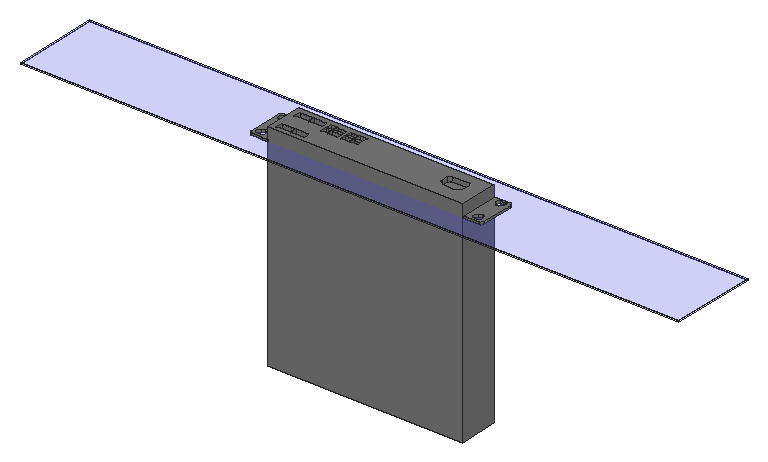
Revit family "QSC SPA4-100 Amplifier Rear Facing Rackmount", category Generic Models, host Face, Revit 2014
Parameters (values of type "SPA4-100 @ 230VAC")
  Width = 8.663"  # constant formula
  Weight Product (lb) = 4  # constant formula
  Weight Product (kg) = 1.4  # constant formula
  Weight Dimensional (lb) = 6.5  # constant formula
  Weight Dimensional (kg) = 2.5  # constant formula
  Voltage AC = "100-240 at 50-60 Hz"  # constant formula
  URL = "http://www.qsc.com/systems/products/power-amplifiers/energystar-amplifiers/spa-series/spa4-100/"
  Sustainability Rating = "Energy Star"  # constant formula
  Show Right Ear Short [instance] = yes
  Show Right Ear Long [instance] = no
  Show Left Ear Short [instance] = yes
  Show Left Ear Long [instance] = no
  Regulatory Compliance = "UL, CE, RoHS/WEEE, FCC Class B, UL 2043 with Plenum Kit Accessory"  # constant formula
  Product Page URL = "http://www.qsc.com/systems/products/power-amplifiers/energystar-amplifiers/spa-series/spa4-100/"
  Product Documentation Link = "http://www.qsc.com/resource-files/productresources/amp/spa/q_amp_spa_specs.pdf"
  Power Standby = 24  # constant formula
  Power Peak = 184
  Power Active = 184
  Model = "SPA4-100"  # constant formula
  Manufacturer URL = "http://www.qscaudio.com"
  Manufacturer = "QSC Audio Products, LLC"  # constant formula
  Height = 1.730"  # constant formula
  Heat Load Standby = 33  # constant formula
  Heat Load Active = 103  # constant formula
  Face Depth = 0.0788"
  Description = "4 Channel 100 Watt/Channel Amplfier"  # constant formula
  Depth = 9.48819"  # constant formula
  Default Elevation = 0.000"
  Current Draw = 0.8
  Enclosure Material [instance] = Dark Gray Finish
  Amp Only Width = 8.663"  # constant formula
Types (4): name | Power Peak | Power Active | Current Draw
  (no name) | 184 | 184 | 0.8
  SPA4-100 @ 100VAC | 170 | 130 | 1.7
  SPA4-100 @ 120VAC | 180 | 132 | 1.5
  SPA4-100 @ 230VAC | 184 | 184 | 0.8
Reference planes (in)
  plane 1 "Center (Front/Back)": y = 0
  plane 2: z = 0
  plane 3 "Center (Left/Right)": x = 0
  plane 4 "Left": x = -4.3315
  plane 5 "Right": x = 4.3315
  plane 6 "Top": y = 0.865
  plane 7 "Bottom": y = -0.865
  plane 8 "Back": z = -8.93019
  plane 9 "Right Extend Ear": x = 13.8135
  plane 10 "Left Extend Ear": x = -13.8135
  plane 11 "Left Short Ear": x = -5.1529
  plane 12 "Right Short Ear": x = 5.1529
  plane 13 "Front": z = 0.558
  plane 14: z = -4.18609
Forms (in)
  Extrusion 1, solid, material "Glass"
    sketch origin (0, 0, 0) x (1, 0, 0) y (0, 1, 0)
      loop
        line (-14.5, 1.9685) -> (-14.5, -1.88975) -> (14.73031, -1.88975) -> (14.73031, 1.9685) -> (-14.5, 1.9685)
    from 0 to -0.079
  Extrusion 2, solid, material "Dark Gray Finish" <- "Enclosure Material", visible <- "Show Left Ear Short"
    sketch origin (0, 0, 0) x (1, 0, 0) y (0, 1, 0)
      loop
        arc (-5.02784, 0.865) -> (-5.11623, 0.82839) -> (-5.1529, 0.74) r 0.125
        line (-5.1529, 0.74) -> (-5.15284, -0.74)
        arc (-5.15284, -0.74) -> (-5.11623, -0.82839) -> (-5.02784, -0.865) r 0.125
        line (-5.02784, -0.865) -> (-4.3315, -0.865) -> (-4.3315, 0.865) -> (-5.02784, 0.865)
      loop
        line (-4.7552, 0.76559) -> (-4.893, 0.76559)
        arc (-4.893, 0.76559) -> (-5.0266, 0.64002) -> (-4.90953, 0.4989) r 0.13386
        arc (-4.90953, 0.4989) -> (-4.8241, 0.41343) -> (-4.73867, 0.4989) r 0.08543
        arc (-4.73867, 0.4989) -> (-4.6216, 0.64002) -> (-4.7552, 0.76559) r 0.13386
      loop
        arc (-4.7552, -0.75213) -> (-4.6216, -0.62655) -> (-4.73867, -0.48543) r 0.13386
        arc (-4.73867, -0.48543) -> (-4.8241, -0.39996) -> (-4.90953, -0.48543) r 0.08543
        arc (-4.90953, -0.48543) -> (-5.0266, -0.62655) -> (-4.893, -0.75213) r 0.13386
        line (-4.893, -0.75213) -> (-4.7552, -0.75213)
    from 0 to 0.0788 <- "Face Depth"
  Extrusion 3, solid, material "Dark Gray Finish" <- "Enclosure Material", visible <- "Show Right Ear Short"
    sketch origin (0, 0, 0) x (-1, 0, 0) y (0, -1, 0)
      loop
        line (-5.02784, -0.865) -> (-4.3315, -0.865) -> (-4.3315, 0.865) -> (-5.02784, 0.865)
        arc (-5.02784, 0.865) -> (-5.11623, 0.82839) -> (-5.15284, 0.74) r 0.125
        line (-5.15284, 0.74) -> (-5.1529, -0.74)
        arc (-5.1529, -0.74) -> (-5.11623, -0.82839) -> (-5.02784, -0.865) r 0.125
      loop
        arc (-4.7552, -0.76559) -> (-4.6216, -0.64002) -> (-4.73867, -0.4989) r 0.13386
        arc (-4.73867, -0.4989) -> (-4.8241, -0.41343) -> (-4.90953, -0.4989) r 0.08543
        arc (-4.90953, -0.4989) -> (-5.0266, -0.64002) -> (-4.893, -0.76559) r 0.13386
        line (-4.893, -0.76559) -> (-4.7552, -0.76559)
      loop
        line (-4.7552, 0.75213) -> (-4.893, 0.75213)
        arc (-4.893, 0.75213) -> (-5.0266, 0.62655) -> (-4.90953, 0.48543) r 0.13386
        arc (-4.90953, 0.48543) -> (-4.8241, 0.39996) -> (-4.73867, 0.48543) r 0.08543
        arc (-4.73867, 0.48543) -> (-4.6216, 0.62655) -> (-4.7552, 0.75213) r 0.13386
    from 0 to 0.0788 <- "Face Depth"
  Extrusion 4, solid, material "Dark Gray Finish" <- "Enclosure Material", visible <- "Show Right Ear Long"
    sketch origin (0, 0, 0) x (-1, 0, 0) y (0, -1, 0)
      loop
        arc (-13.55582, -0.49787) -> (-13.68968, -0.63173) -> (-13.55582, -0.76559) r 0.13386
        line (-13.55582, -0.76559) -> (-13.41803, -0.76559)
        arc (-13.41803, -0.76559) -> (-13.28417, -0.63173) -> (-13.41803, -0.49787) r 0.13386
        line (-13.41803, -0.49787) -> (-13.55582, -0.49787)
      loop
        arc (-13.55582, 0.75213) -> (-13.68968, 0.61827) -> (-13.55582, 0.48441) r 0.13386
        line (-13.55582, 0.48441) -> (-13.41803, 0.48441)
        arc (-13.41803, 0.48441) -> (-13.28417, 0.61827) -> (-13.41803, 0.75213) r 0.13386
        line (-13.41803, 0.75213) -> (-13.55582, 0.75213)
      loop
        line (-13.8135, 0.74) -> (-13.8135, -0.74)
        arc (-13.8135, -0.74) -> (-13.77689, -0.82839) -> (-13.6885, -0.865) r 0.125
        line (-13.6885, -0.865) -> (-4.3315, -0.865) -> (-4.3315, 0.865) -> (-13.6885, 0.865)
        arc (-13.6885, 0.865) -> (-13.77689, 0.82839) -> (-13.8135, 0.74) r 0.125
    from 0 to 0.0788 <- "Face Depth"
  Extrusion 5, solid, material "Dark Gray Finish" <- "Enclosure Material", visible <- "Show Left Ear Long"
    sketch origin (0, 0, 0) x (1, 0, 0) y (0, 1, 0)
      loop
        line (-13.55582, 0.49787) -> (-13.41803, 0.49787)
        arc (-13.41803, 0.49787) -> (-13.28417, 0.63173) -> (-13.41803, 0.76559) r 0.13386
        line (-13.41803, 0.76559) -> (-13.55582, 0.76559)
        arc (-13.55582, 0.76559) -> (-13.68968, 0.63173) -> (-13.55582, 0.49787) r 0.13386
      loop
        line (-13.55582, -0.75213) -> (-13.41803, -0.75213)
        arc (-13.41803, -0.75213) -> (-13.28417, -0.61827) -> (-13.41803, -0.48441) r 0.13386
        line (-13.41803, -0.48441) -> (-13.55582, -0.48441)
        arc (-13.55582, -0.48441) -> (-13.68968, -0.61827) -> (-13.55582, -0.75213) r 0.13386
      loop
        arc (-13.8135, -0.74) -> (-13.77689, -0.82839) -> (-13.6885, -0.865) r 0.125
        line (-13.6885, -0.865) -> (-4.3315, -0.865) -> (-4.3315, 0.865) -> (-13.6885, 0.865)
        arc (-13.6885, 0.865) -> (-13.77689, 0.82839) -> (-13.8135, 0.74) r 0.125
        line (-13.8135, 0.74) -> (-13.8135, -0.74)
    from 0 to 0.0788 <- "Face Depth"
  Extrusion 6, solid, material "Dark Gray Finish" <- "Enclosure Material"
    sketch origin (0, -0.865, -9.33059) x (-1, 0, 0) y (0, 0, 1)
      loop
        line (4.3315, 0.4004) -> (4.3315, 9.88859) -> (-4.3315, 9.88859) -> (-4.3315, 0.4004) -> (4.3315, 0.4004)
    from 0 to 1.73 <- "Height"
  Extrusion 7, void
    sketch origin (-16.617, -180, 0.558) x (0, -1, 0) y (-1, 0, 0)
      loop
        line (-180.64625, -12.48598) -> (-180.64625, -13.09621) -> (-180.33317, -13.09621) -> (-180.33317, -12.48598) -> (-180.64625, -12.48598)
      loop
        line (-180.33317, -13.74582) -> (-180.33317, -13.13558) -> (-180.64625, -13.13558) -> (-180.64625, -13.74582) -> (-180.33317, -13.74582)
      loop
        line (-180.40133, -13.88153) -> (-180.63567, -13.88153) -> (-180.63567, -14.14216) -> (-180.40133, -14.14216) -> (-180.40133, -13.88153)
      loop
        line (-180.63567, -14.62956) -> (-180.40133, -14.62956) -> (-180.40133, -14.18153) -> (-180.63567, -14.18153) -> (-180.63567, -14.62956)
      loop
        line (-180.40133, -14.7585) -> (-180.63567, -14.7585) -> (-180.63567, -15.11283) -> (-180.40133, -15.11283) -> (-180.40133, -14.7585)
      loop
        line (-180.63567, -15.50653) -> (-180.40133, -15.50653) -> (-180.40133, -15.1522) -> (-180.63567, -15.1522) -> (-180.63567, -15.50653)
      loop
        line (-180.39444, -19.45244) -> (-180.39444, -20.20139)
        arc (-180.39444, -20.20139) -> (-180.36012, -20.28426) -> (-180.27725, -20.31858) r 0.11719
        line (-180.27725, -20.31858) -> (-179.95436, -20.31858)
        arc (-179.95436, -20.31858) -> (-179.92446, -20.31263) -> (-179.89912, -20.2957) r 0.07813
        line (-179.89912, -20.2957) -> (-179.74803, -20.14461)
        arc (-179.74803, -20.14461) -> (-179.73109, -20.11927) -> (-179.72515, -20.08937) r 0.07813
        line (-179.72515, -20.08937) -> (-179.72515, -19.56354)
        arc (-179.72515, -19.56354) -> (-179.73109, -19.53364) -> (-179.74803, -19.5083) r 0.07813
        line (-179.74803, -19.5083) -> (-179.89912, -19.35721)
        arc (-179.89912, -19.35721) -> (-179.92446, -19.34028) -> (-179.95436, -19.33433) r 0.07813
        line (-179.95436, -19.33433) -> (-180.27633, -19.33433)
        arc (-180.27633, -19.33433) -> (-180.35985, -19.36892) -> (-180.39444, -19.45244) r 0.11811
      loop
        line (-180.10133, -13.88153) -> (-180.33567, -13.88153) -> (-180.33567, -14.14216) -> (-180.10133, -14.14216) -> (-180.10133, -13.88153)
      loop
        line (-180.33567, -14.62956) -> (-180.10133, -14.62956) -> (-180.10133, -14.18153) -> (-180.33567, -14.18153) -> (-180.33567, -14.62956)
      loop
        line (-180.10133, -14.7585) -> (-180.33567, -14.7585) -> (-180.33567, -15.11283) -> (-180.10133, -15.11283) -> (-180.10133, -14.7585)
      loop
        line (-180.33567, -15.50653) -> (-180.10133, -15.50653) -> (-180.10133, -15.1522) -> (-180.33567, -15.1522) -> (-180.33567, -15.50653)
      loop
        line (-179.64625, -12.48598) -> (-179.64625, -13.09621) -> (-179.33317, -13.09621) -> (-179.33317, -12.48598) -> (-179.64625, -12.48598)
      loop
        line (-179.33317, -13.74582) -> (-179.33317, -13.13558) -> (-179.64625, -13.13558) -> (-179.64625, -13.74582) -> (-179.33317, -13.74582)
    from 0 to 0.19685
  Extrusion 8, void
    sketch origin (0, 0, -8.93019) x (1, 0, 0) y (0, 1, 0)
      loop
        line (-0.1475, 0.55192) -> (-3.85217, 0.55192)
        arc (-3.85217, 0.55192) -> (-3.96265, 0.50615) -> (-4.00842, 0.39567) r 0.15625
        line (-4.00842, 0.39567) -> (-4.00842, 0.03888)
        arc (-4.00842, 0.03888) -> (-3.96265, -0.07161) -> (-3.85217, -0.11737) r 0.15625
        line (-3.85217, -0.11737) -> (-0.1475, -0.11737)
        arc (-0.1475, -0.11737) -> (-0.03701, -0.07161) -> (0.00875, 0.03888) r 0.15625
        line (0.00875, 0.03888) -> (0.00875, 0.39567)
        arc (0.00875, 0.39567) -> (-0.03701, 0.50615) -> (-0.1475, 0.55192) r 0.15625
    from 0 to 0.079
Cuts and joins
  Extrusion 7, Extrusion 8 cuts Extrusion 6
Lines and regions (in)
  model lines, style "GenericModel", not visible, detail levels fine
    curve 1: line (-3.35339, 0.42119, -8.93019) -> (-3.44988, 0.54832, -8.93019)
    curve 2: line (-3.44988, 0.54832, -8.93019) -> (-3.35339, 0.42119, -8.93019)
    curve 3: line (-3.7997, 0.43707, -8.93019) -> (-3.76325, 0.5682, -8.93019)
    curve 4: line (-3.76325, 0.5682, -8.93019) -> (-3.7997, 0.43707, -8.93019)
    curve 5: line (-3.73881, 0.35024, -8.93019) -> (-3.76602, 0.59291, -8.93019)
    curve 6: line (-3.76602, 0.59291, -8.93019) -> (-3.73881, 0.35024, -8.93019)
    curve 7: line (-3.22419, 0.52002, -8.93019) -> (-3.13815, 0.45681, -8.93019)
    curve 8: line (-3.13815, 0.45681, -8.93019) -> (-3.22419, 0.52002, -8.93019)
  model lines, style "GenericModel", detail levels fine
    curve 9: line (3.29089, 0.35869, -8.93019) -> (3.38738, 0.48582, -8.93019)
    curve 10: line (3.38738, 0.48582, -8.93019) -> (3.29089, 0.35869, -8.93019)
    curve 11: line (3.7372, 0.37457, -8.93019) -> (3.70075, 0.5057, -8.93019)
    curve 12: line (3.70075, 0.5057, -8.93019) -> (3.7372, 0.37457, -8.93019)
    curve 13: line (3.67631, 0.28774, -8.93019) -> (3.70352, 0.53041, -8.93019)
    curve 14: line (3.70352, 0.53041, -8.93019) -> (3.67631, 0.28774, -8.93019)
    curve 15: line (3.16169, 0.45752, -8.93019) -> (3.07565, 0.39431, -8.93019)
    curve 16: line (3.07565, 0.39431, -8.93019) -> (3.16169, 0.45752, -8.93019)
Dimensions and locks (in)
  equal spacing: plane 6 "Top", plane 1 "Center (Front/Back)", plane 7 "Bottom"
  "Height": plane 6 "Top" to plane 7 "Bottom"
  equal spacing: plane 4 "Left", plane 3 "Center (Left/Right)", plane 5 "Right"
  "Width": plane 4 "Left" to plane 5 "Right"
  plane 4 "Left" to plane 5 "Right" = 8.663"
  plane 5 "Right" to plane 9 "Right Extend Ear" = 9.482"
  plane 10 "Left Extend Ear" to plane 4 "Left" = 9.482"
  plane 11 "Left Short Ear" to plane 4 "Left" = 0.8214"
  plane 5 "Right" to plane 12 "Right Short Ear" = 0.8214"
  equal spacing: plane 13 "Front", plane 14, plane 8 "Back"
  plane 13 "Front" to plane 2 = 0.558"
  "Depth": plane 13 "Front" to plane 8 "Back"
  aligned and locked: plane 2 to Extrusion 1
  aligned and locked: level to Extrusion 1
  aligned and locked: Extrusion 2 sketch curve to plane 6 "Top"
  aligned and locked: plane 11 "Left Short Ear" to Extrusion 2 sketch curve
  aligned and locked: plane 9 "Right Extend Ear" to Extrusion 4 sketch curve
  aligned and locked: Extrusion 4 sketch curve to plane 7 "Bottom"
  aligned and locked: Extrusion 4 sketch curve to plane 6 "Top"
Automatic sketch dimensions
  curve 7 to curve 8 = 0.000"
  curve 7 to curve 7 = 0.08604"
  curve 8 to curve 7 = 0.000"  (x3)
  curve 7 to curve 2 = 0.1292"
  curve 1 to curve 2 = 0.000"  (x3)
  curve 2 to curve 1 = 0.09649"
  curve 2 to curve 1 = 0.000"
  curve 1 to curve 6 = 0.28894"
  curve 5 to curve 6 = 0.000"  (x2)
  curve 5 to curve 4 = 0.02444"
  curve 3 to curve 4 = 0.000"  (x2)
  curve 3 to curve 5 = 0.00277"
  curve 6 to curve 5 = 0.000"  (x2)
  curve 5 to curve 4 = 0.06089"
  curve 6 to curve 4 = 0.02471"
  curve 3 to curve 2 = 0.01989"
  curve 1 to curve 7 = 0.02829"
  curve 8 to curve 7 = 0.06321"
  curve 4 to curve 3 = 0.000"
  curve 1 to curve 2 = 0.12712"
  curve 3 to curve 5 = 0.08683"
  curve 15 to curve 16 = 0.000"
  curve 15 to curve 15 = 0.08604"
  curve 16 to curve 15 = 0.000"  (x3)
  curve 15 to curve 10 = 0.1292"
  curve 9 to curve 10 = 0.000"  (x3)
  curve 10 to curve 9 = 0.09649"
  curve 10 to curve 9 = 0.000"
  curve 9 to curve 14 = 0.28894"
  curve 13 to curve 14 = 0.000"  (x2)
  curve 13 to curve 12 = 0.02444"
  curve 11 to curve 12 = 0.000"  (x2)
  curve 11 to curve 13 = 0.00277"
  curve 14 to curve 13 = 0.000"  (x2)
  curve 13 to curve 12 = 0.06089"
  curve 12 to curve 14 = 0.02471"
  curve 10 to curve 11 = 0.01989"
  curve 15 to curve 9 = 0.02829"
  curve 15 to curve 16 = 0.06321"
  curve 12 to curve 11 = 0.000"
  curve 10 to curve 9 = 0.12712"
  curve 13 to curve 11 = 0.08683"
  Extrusion 1 sketch curve to Extrusion 1 sketch curve = 29.23031"
  Extrusion 1 sketch curve to Extrusion 1 sketch curve = 3.85825"
  Extrusion 2 sketch curve to plane 7 "Bottom" = 0.000"
  Extrusion 2 sketch curve to plane 4 "Left" = 0.000"
  plane 11 "Left Short Ear" to Extrusion 2 sketch curve = 0.12506"  (x2)
  Extrusion 2 sketch curve to Extrusion 2 sketch curve = 0.13484"  (x2)
  Extrusion 2 sketch curve to Extrusion 2 sketch curve = 0.0689"  (x2)
  Extrusion 2 sketch curve to Extrusion 2 sketch curve = 0.1378"  (x2)
  plane 7 "Bottom" to Extrusion 2 sketch curve = 0.11287"
  plane 7 "Bottom" to Extrusion 2 sketch curve = 0.125"
  Extrusion 2 sketch curve to Extrusion 2 sketch curve = 0.13386"  (x2)
  Extrusion 2 sketch curve to Extrusion 2 sketch curve = 0.13287"  (x2)
  Extrusion 2 sketch curve to plane 6 "Top" = 0.36614"
  Extrusion 2 sketch curve to Extrusion 2 sketch curve = 0.000"  (x3)
  Extrusion 2 sketch curve to Extrusion 2 sketch curve = 0.125"
  Extrusion 2 sketch curve to plane 6 "Top" = 0.09941"
  Extrusion 2 sketch curve to Extrusion 2 sketch curve = 0.08543"  (x2)
  Extrusion 3 sketch curve to plane 12 "Right Short Ear" = 0.000"
  Extrusion 3 sketch curve to plane 7 "Bottom" = 0.000"
  Extrusion 3 sketch curve to plane 6 "Top" = 0.000"
  Extrusion 3 sketch curve to plane 5 "Right" = 0.000"
  plane 12 "Right Short Ear" to Extrusion 3 sketch curve = 0.12506"  (x2)
  Extrusion 3 sketch curve to Extrusion 3 sketch curve = 0.13484"  (x2)
  Extrusion 3 sketch curve to Extrusion 3 sketch curve = 0.0689"  (x2)
  Extrusion 3 sketch curve to Extrusion 3 sketch curve = 0.1378"  (x2)
  Extrusion 3 sketch curve to plane 7 "Bottom" = 0.11287"
  Extrusion 3 sketch curve to Extrusion 3 sketch curve = 0.125"
  Extrusion 3 sketch curve to Extrusion 3 sketch curve = 0.13386"  (x2)
  Extrusion 3 sketch curve to Extrusion 3 sketch curve = 0.13287"  (x2)
  plane 6 "Top" to Extrusion 3 sketch curve = 0.36614"
  Extrusion 3 sketch curve to Extrusion 3 sketch curve = 0.000"  (x3)
  plane 6 "Top" to Extrusion 3 sketch curve = 0.125"
  plane 6 "Top" to Extrusion 3 sketch curve = 0.09941"
  Extrusion 3 sketch curve to Extrusion 3 sketch curve = 0.08543"  (x2)
  Extrusion 4 sketch curve to plane 5 "Right" = 0.000"
  plane 9 "Right Extend Ear" to Extrusion 4 sketch curve = 0.125"
  Extrusion 4 sketch curve to Extrusion 4 sketch curve = 0.125"
  Extrusion 4 sketch curve to Extrusion 4 sketch curve = 0.13268"  (x2)
  Extrusion 4 sketch curve to Extrusion 4 sketch curve = 0.1378"  (x2)
  Extrusion 4 sketch curve to plane 7 "Bottom" = 0.11287"
  Extrusion 4 sketch curve to Extrusion 4 sketch curve = 0.13386"  (x2)
  Extrusion 4 sketch curve to Extrusion 4 sketch curve = 0.24213"
  Extrusion 5 sketch curve to plane 10 "Left Extend Ear" = 0.000"
  Extrusion 5 sketch curve to plane 6 "Top" = 0.000"
  Extrusion 5 sketch curve to plane 7 "Bottom" = 0.000"
  Extrusion 5 sketch curve to plane 4 "Left" = 0.000"
  plane 10 "Left Extend Ear" to Extrusion 5 sketch curve = 0.125"
  Extrusion 5 sketch curve to Extrusion 5 sketch curve = 0.125"
  Extrusion 5 sketch curve to Extrusion 5 sketch curve = 0.13268"  (x2)
  Extrusion 5 sketch curve to Extrusion 5 sketch curve = 0.1378"  (x2)
  plane 7 "Bottom" to Extrusion 5 sketch curve = 0.11287"
  Extrusion 5 sketch curve to Extrusion 5 sketch curve = 0.13386"  (x2)
  Extrusion 5 sketch curve to Extrusion 5 sketch curve = 0.24213"
  Extrusion 6 sketch curve to plane 5 "Right" = 0.000"
  Extrusion 6 sketch curve to plane 4 "Left" = 0.000"
  Extrusion 6 sketch curve to plane 8 "Back" = 0.000"
  Extrusion 6 sketch curve to plane 13 "Front" = 0.000"
  plane 4 "Left" to Extrusion 8 sketch curve = 0.32308"
  plane 1 "Center (Front/Back)" to Extrusion 8 sketch curve = 0.11737"
  Extrusion 8 sketch curve to Extrusion 8 sketch curve = 0.15625"  (x2)
  Extrusion 8 sketch curve to plane 3 "Center (Left/Right)" = 0.1475"  (x2)
  plane 3 "Center (Left/Right)" to Extrusion 8 sketch curve = 0.00875"
  Extrusion 8 sketch curve to Extrusion 8 sketch curve = 0.35679"
  Extrusion 7 sketch curve to plane 6 "Top" = 0.21875"
  Extrusion 7 sketch curve to Extrusion 7 sketch curve = 0.000"  (x10)
  Extrusion 7 sketch curve to plane 6 "Top" = 0.22933"  (x2)
  Extrusion 7 sketch curve to Extrusion 7 sketch curve = 0.23434"  (x3)
  Extrusion 7 sketch curve to plane 1 "Center (Front/Back)" = 0.39444"
  Extrusion 7 sketch curve to Extrusion 7 sketch curve = 0.06566"  (x4)
  Extrusion 7 sketch curve to Extrusion 7 sketch curve = 0.31308"
  Extrusion 7 sketch curve to Extrusion 7 sketch curve = 0.0025"
  Extrusion 7 sketch curve to Extrusion 7 sketch curve = 0.11719"
  Extrusion 7 sketch curve to Extrusion 7 sketch curve = 0.11811"
  Extrusion 7 sketch curve to plane 1 "Center (Front/Back)" = 0.10133"  (x4)
  plane 1 "Center (Front/Back)" to Extrusion 7 sketch curve = 0.04564"  (x2)
  Extrusion 7 sketch curve to Extrusion 7 sketch curve = 0.05524"  (x4)
  plane 1 "Center (Front/Back)" to Extrusion 7 sketch curve = 0.19673"  (x2)
  Extrusion 7 sketch curve to Extrusion 7 sketch curve = 0.02288"  (x2)
  plane 1 "Center (Front/Back)" to Extrusion 7 sketch curve = 0.35375"  (x2)
  plane 7 "Bottom" to Extrusion 7 sketch curve = 0.19817"
  plane 4 "Left" to Extrusion 7 sketch curve = 0.20047"  (x2)
  Extrusion 7 sketch curve to Extrusion 7 sketch curve = 0.61024"  (x4)
  Extrusion 7 sketch curve to Extrusion 7 sketch curve = 0.03937"  (x6)
  Extrusion 7 sketch curve to Extrusion 7 sketch curve = 0.13571"  (x2)
  Extrusion 7 sketch curve to Extrusion 7 sketch curve = 0.26063"
  Extrusion 7 sketch curve to Extrusion 7 sketch curve = 0.44803"
  Extrusion 7 sketch curve to Extrusion 7 sketch curve = 0.12894"
  Extrusion 7 sketch curve to Extrusion 7 sketch curve = 0.35433"  (x2)
  Extrusion 7 sketch curve to plane 5 "Right" = 1.61417"
  Extrusion 7 sketch curve to Extrusion 7 sketch curve = 0.15109"
  Extrusion 7 sketch curve to Extrusion 7 sketch curve = 0.52583"
  Extrusion 7 sketch curve to Extrusion 7 sketch curve = 0.11202"
  Extrusion 7 sketch curve to Extrusion 7 sketch curve = 0.07812"
Connectors (in)
  electrical at (3.20953, -0.00035, 0.36115)
    settings: on cut or joined group of Extrusion 6, Extrusion 7, Extrusion 8, index 1, voltage 0 V, apparent load 0 VA, apparent load phase1 0 VA, apparent load phase2 0 VA, apparent load phase3 0 VA, power factor 1, load classification "Other", number of poles 1, system type 31, power factor state 1, is connector primary yes, connector utility no, sub classification motor no, connector description ""
  electrical at (-3.82591, 0.48971, 0.36115)
    settings: on cut or joined group of Extrusion 6, Extrusion 7, Extrusion 8, index 2, voltage 0 V, apparent load 0 VA, apparent load phase1 0 VA, apparent load phase2 0 VA, apparent load phase3 0 VA, power factor 1, load classification "Other", number of poles 1, system type 14, power factor state 1, is connector primary no, connector utility no, sub classification motor no, connector description "Output 1"
  electrical at (-3.1763, 0.48971, 0.36115)
    settings: on cut or joined group of Extrusion 6, Extrusion 7, Extrusion 8, index 3, voltage 0 V, apparent load 0 VA, apparent load phase1 0 VA, apparent load phase2 0 VA, apparent load phase3 0 VA, power factor 1, load classification "Other", number of poles 1, system type 14, power factor state 1, is connector primary no, connector utility no, sub classification motor no, connector description "Output 2"
  electrical at (-3.82591, -0.51029, 0.36115)
    settings: on cut or joined group of Extrusion 6, Extrusion 7, Extrusion 8, index 4, voltage 0 V, apparent load 0 VA, apparent load phase1 0 VA, apparent load phase2 0 VA, apparent load phase3 0 VA, power factor 1, load classification "Other", number of poles 1, system type 14, power factor state 1, is connector primary no, connector utility no, sub classification motor no, connector description "Output 3"
  electrical at (-3.1763, -0.51029, 0.36115)
    settings: on cut or joined group of Extrusion 6, Extrusion 7, Extrusion 8, index 5, voltage 0 V, apparent load 0 VA, apparent load phase1 0 VA, apparent load phase2 0 VA, apparent load phase3 0 VA, power factor 1, load classification "Other", number of poles 1, system type 14, power factor state 1, is connector primary no, connector utility no, sub classification motor no, connector description "Output 4"
  electrical at (-2.60516, 0.5185, 0.36115)
    settings: on cut or joined group of Extrusion 6, Extrusion 7, Extrusion 8, index 6, voltage 0 V, apparent load 0 VA, apparent load phase1 0 VA, apparent load phase2 0 VA, apparent load phase3 0 VA, power factor 1, load classification "Other", number of poles 1, system type 14, power factor state 1, is connector primary no, connector utility no, sub classification motor no, connector description "Ch 1&2 Standby Control"
  electrical at (-2.21146, 0.5185, 0.36115)
    settings: on cut or joined group of Extrusion 6, Extrusion 7, Extrusion 8, index 7, voltage 0 V, apparent load 0 VA, apparent load phase1 0 VA, apparent load phase2 0 VA, apparent load phase3 0 VA, power factor 1, load classification "Other", number of poles 1, system type 14, power factor state 1, is connector primary no, connector utility no, sub classification motor no, connector description "Ch 1&2 Volume Control"
  electrical at (-2.60516, 0.2185, 0.36115)
    settings: on cut or joined group of Extrusion 6, Extrusion 7, Extrusion 8, index 8, voltage 0 V, apparent load 0 VA, apparent load phase1 0 VA, apparent load phase2 0 VA, apparent load phase3 0 VA, power factor 1, load classification "Other", number of poles 1, system type 14, power factor state 1, is connector primary no, connector utility no, sub classification motor no, connector description "Ch 3&4 Standby Control"
  electrical at (-2.21146, 0.2185, 0.36115)
    settings: on cut or joined group of Extrusion 6, Extrusion 7, Extrusion 8, index 9, voltage 0 V, apparent load 0 VA, apparent load phase1 0 VA, apparent load phase2 0 VA, apparent load phase3 0 VA, power factor 1, load classification "Other", number of poles 1, system type 14, power factor state 1, is connector primary no, connector utility no, sub classification motor no, connector description "Ch 3&4 Volume Control"
  electrical at (-1.68134, 0.5185, 0.36115)
    settings: on cut or joined group of Extrusion 6, Extrusion 7, Extrusion 8, index 10, voltage 0 V, apparent load 0 VA, apparent load phase1 0 VA, apparent load phase2 0 VA, apparent load phase3 0 VA, power factor 1, load classification "Other", number of poles 1, system type 14, power factor state 1, is connector primary no, connector utility no, sub classification motor no, connector description "Input 1"
  electrical at (-1.28764, 0.5185, 0.36115)
    settings: on cut or joined group of Extrusion 6, Extrusion 7, Extrusion 8, index 11, voltage 0 V, apparent load 0 VA, apparent load phase1 0 VA, apparent load phase2 0 VA, apparent load phase3 0 VA, power factor 1, load classification "Other", number of poles 1, system type 14, power factor state 1, is connector primary no, connector utility no, sub classification motor no, connector description "Input 2"
  electrical at (-1.28764, 0.2185, 0.36115)
    settings: on cut or joined group of Extrusion 6, Extrusion 7, Extrusion 8, index 12, voltage 0 V, apparent load 0 VA, apparent load phase1 0 VA, apparent load phase2 0 VA, apparent load phase3 0 VA, power factor 1, load classification "Other", number of poles 1, system type 14, power factor state 1, is connector primary no, connector utility no, sub classification motor no, connector description "Input 4"
  electrical at (-1.68134, 0.2185, 0.36115)
    settings: on cut or joined group of Extrusion 6, Extrusion 7, Extrusion 8, index 13, voltage 0 V, apparent load 0 VA, apparent load phase1 0 VA, apparent load phase2 0 VA, apparent load phase3 0 VA, power factor 1, load classification "Other", number of poles 1, system type 14, power factor state 1, is connector primary no, connector utility no, sub classification motor no, connector description "Input 3"
